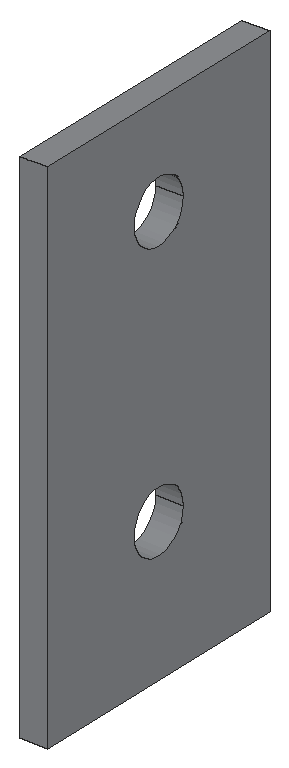
Revit family "Connection-Cleat Plate-Steel & Tube-HST Standard_Temp_3e21b7a5-eea4-4051-89b0-baf899fd3e0b", category Structural Connections, host Face, Revit 2016
Family settings
  Host = Face
  Material for Model Behavior = Steel
  OmniClass Number = 23.25.05.17.11
  OmniClass Title = Column Bases
  Enable cutting in views = Yes
  Cut with Voids When Loaded = No
  Shared = Yes
Parameters (values of type "HST150")
  f = if(Beam Size = 102 mm, 57 mm, if(Beam Size = 152 mm, 41 mm, if(Beam Size = 203 mm, 48 mm, if(Beam Size = 250 mm, 53 mm, if(Beam Size = 300 mm, 55 mm, if(Beam Size = 350 mm, 60 mm, 70 mm))))))  # 41 mm
  g = if(Beam Size = 102 mm, 64 mm, if(Beam Size = 152 mm, 80 mm, if(Beam Size = 203 mm, 120 mm, if(Beam Size = 250 mm, 160 mm, if(Beam Size = 300 mm, 200 mm, if(Beam Size = 350 mm, 240 mm, 280 mm))))))  # 80 mm
  Width_ANZRS [instance] = if(and(Beam Size = 102 mm, End Support), 140 mm, if(and(Beam Size = 102 mm, Internal Support), 280 mm, if(and(not(Beam Size = 102 mm), End Support), 80 mm, 150 mm)))  # 80 mm
  Uniclass2015Version = "2015"  # constant formula
  Uniclass2015Title = "Cold-formed galvanized steel sections"  # constant formula
  Uniclass2015Code = "Pr_20_76_51_21"  # constant formula
  URL = "http://www.steelandtube.co.nz"
  Type Comments = "HST Steel Purlin Standard Cleat"  # constant formula
  SpecificationReference = "3411ST"  # constant formula
  SpecificationDescription = "Steel & Tube Purlins & Girts"  # constant formula
  PlateThickness_ANZRS = 8 mm  # constant formula
  ModifiedIssue_ANZRS = 20160520.01  # constant formula
  Model = if(Beam Size = 102 mm, "HST100", if(Beam Size = 152 mm, "HST150", if(Beam Size = 203 mm, "HST200", if(Beam Size = 250 mm, "HST250", if(Beam Size = 300 mm, "HST300", if(Beam Size = 350 mm, "HST350", "HST400"))))))  # "HST150"
  Material_ANZRS = Metal-Steel-450MPa
  Material Standard = "Steel & Tube’s HST purlins and Girts profiles are manufactured from materials conforming to AS1397:2011"  # constant formula
  ManufacturerURL = "http://www.steelandtube.co.nz"
  ManufacturerName = Manufacturer  # "Steel & Tube"
  Manufacturer = "Steel & Tube"  # constant formula
  Length_ANZRS = PlateThickness_ANZRS  # 8 mm
  Internal Support [instance] = not(End Support)  # no
  Height_ANZRS = if(Beam Size = 102 mm, 100 mm, if(Beam Size = 152 mm, 150 mm, if(Beam Size = 203 mm, 200 mm, if(Beam Size = 250 mm, 250 mm, if(Beam Size = 300 mm, 300 mm, if(Beam Size = 350 mm, 340 mm, 380 mm))))))  # 150 mm
  End Support [instance] = yes
  Disclaimer [instance] = "Steel & Tube makes no representations or warranties about the information in this document, including (but not limited to) whether the information, and any materials referred to, are fit for purpose. The user is responsible for ensuring that the information, and any materials referred to, are fit for the purpose for which they are intended to be used. Except as required by law, Steel & Tube is not liable for any cost, loss, claim or expense incurred by any person as a result of any person using or relying on the information in this document."  # constant formula
  Design Standard = "Steel & Tube’s HST purlins and Girts profiles are designed in accordance with AS/NZS 4600:2005."  # constant formula
  Design Instruction = "All the design information should be cross referenced with the current Steel & Tube Purlins and Girts design guide, and AS/NZS 4600:2005"  # constant formula
  Description = "HST Steel Purlins and Girts are high strength lipped profile sections, providing an economic solution for your building project."  # constant formula
  Default Elevation = 0 mm
  CreatedBy_ANZRS = "Design Content"  # constant formula
  CreatedByURL_ANZRS = "http://www.designcontent.com.au"
  Column4 Centre Offset [instance] = if(and(Beam Size = 102 mm, Internal Support), 41 mm + g, 500 mm)  # 500 mm
  Column3 Centre Offset [instance] = if(and(not(Beam Size = 102 mm), End Support), 550 mm, if(and(Beam Size = 102 mm, End Support), g / 2, 41 mm))  # 550 mm
  Column2 Centre Offset [instance] = if(and(not(Beam Size = 102 mm), End Support), 0 mm, if(and(Beam Size = 102 mm, End Support), g / 2, 41 mm))  # 0 mm
  Column1 Centre Offset [instance] = if(and(Beam Size = 102 mm, Internal Support), 41 mm + g, 500 mm)  # 500 mm
  CBIDescription = "Structural steelwork"  # constant formula
  CBICode = "3411"  # constant formula
  Bolt Row2 Validation = if(not(Beam Size = 102 mm), g, 500 mm)  # 80 mm
  Beam Size = 152 mm
  Assembly Code = "B1020230"
Reference planes
  plane 1 "Center (Front/Back)": y = 0
  plane 2: z = 0
  plane 3 "Center (Left/Right)": x = 0
  plane 4 "Back": y = 40
  plane 5 "Front": y = -40
  plane 6 "Left": x = -4
  plane 7 "Right": x = 4
  plane 8 "Column1": y = 500
  plane 9 "Column2": y = 0
  plane 10 "Top": z = 150
  plane 11 "Bolt Row1": z = 41
  plane 12 "Bolt Row2": z = 121
  plane 13 "Column3": y = -550
  plane 14 "Column4": y = -500
Forms (mm)
  Extrusion 1, solid, material "Metal-Steel-450MPa" <- "Material_ANZRS", detail levels medium
    sketch origin (0, 0, 0) x (1, 0, 0) y (0, 0, 1)
      loop
        line (-4, 0) -> (4, 0) -> (4, 150) -> (-4, 150) -> (-4, 0)
    from -40 to 40
  Extrusion 2, solid, material "Metal-Steel-450MPa" <- "Material_ANZRS", detail levels fine
    sketch origin (0, 0, 0) x (1, 0, 0) y (0, 0, 1)
      loop
        line (-4, 0) -> (4, 0) -> (4, 150) -> (-4, 150) -> (-4, 0)
    from -40 to 40
  Extrusion 3, void
    sketch origin (0, 0, 0) x (0, 1, 0) y (0, 0, 1)
      loop
        circle (500, 121) r 9
      loop
        circle (500, 41) r 9
      loop
        circle (0, 41) r 9
      loop
        circle (0, 121) r 9
      loop
        circle (-500, 41) r 9
      loop
        circle (-500, 121) r 9
      loop
        circle (-550, 41) r 9
      loop
        circle (-550, 121) r 9
    from -4 to 4
Cuts and joins
  Extrusion 3 cuts Extrusion 2
Dimensions and locks
  equal spacing: plane 5 "Front", plane 1 "Center (Front/Back)", plane 4 "Back"
  "Width_ANZRS": plane 5 "Front" to plane 4 "Back"
  equal spacing: plane 6 "Left", plane 3 "Center (Left/Right)", plane 7 "Right"
  "Length_ANZRS": plane 6 "Left" to plane 7 "Right"
  "Height_ANZRS": plane 10 "Top" to plane 2
  "Bolt Row2 Validation": plane 12 "Bolt Row2" to plane 11 "Bolt Row1"
  "f": plane 11 "Bolt Row1" to plane 2
  "Column1 Centre Offset": plane 1 "Center (Front/Back)" to plane 8 "Column1"
  "Column2 Centre Offset": plane 1 "Center (Front/Back)" to plane 9 "Column2"
  "Column3 Centre Offset": plane 13 "Column3" to plane 1 "Center (Front/Back)"
  "Column4 Centre Offset": plane 14 "Column4" to plane 1 "Center (Front/Back)"
  aligned and locked: plane 2 to host face
  aligned and locked: level to host face
  aligned and locked: plane 2 to Extrusion 1 sketch curve
  aligned and locked: Extrusion 1 sketch curve to plane 7 "Right"
  aligned and locked: Extrusion 1 sketch curve to plane 10 "Top"
  aligned and locked: Extrusion 1 to plane 4 "Back"
  aligned and locked: plane 5 "Front" to Extrusion 1
  aligned and locked: plane 2 to Extrusion 2 sketch curve
  aligned and locked: Extrusion 2 sketch curve to plane 7 "Right"
  aligned and locked: Extrusion 2 sketch curve to plane 10 "Top"
  aligned and locked: Extrusion 2 to plane 4 "Back"
  aligned and locked: plane 5 "Front" to Extrusion 2
  aligned and locked: plane 8 "Column1" to Extrusion 3 sketch curve  (x2)
  aligned and locked: plane 9 "Column2" to Extrusion 3 sketch curve  (x2)
  aligned and locked: plane 12 "Bolt Row2" to Extrusion 3 sketch curve  (x4)
  aligned and locked: plane 11 "Bolt Row1" to Extrusion 3 sketch curve  (x4)
  aligned and locked: plane 7 "Right" to Extrusion 3
  aligned and locked: plane 6 "Left" to Extrusion 2 sketch curve
  aligned and locked: plane 6 "Left" to Extrusion 1 sketch curve
  aligned and locked: Extrusion 3 to plane 6 "Left"
  aligned and locked: plane 14 "Column4" to Extrusion 3 sketch curve  (x2)
  aligned and locked: plane 13 "Column3" to Extrusion 3 sketch curve  (x2)
Automatic sketch dimensions
  host sketch curve to host sketch curve = 2438.4 mm  (x2)
  radius of Extrusion 3 sketch curve = 9 mm  (x8)
